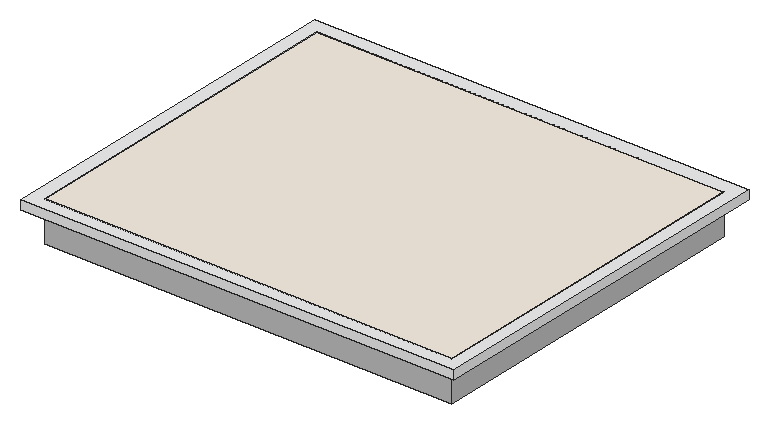
Revit family "Lighting-Industrial-GEWISS-ELIA-HL-LED_HIGHBAY", category Apparecchi per illuminazione, host Superficie, Revit 2019 (continued)
Parameters (values of type "GWF1001QM840 - ELIA HL L2 120° 4000K S.ALONE DALI")
    .10 937.30 875.00 816.48 760.76 707.28 656.18 \r\n607.32 560.42 515.76 472.78 430.22 389.48 351.68 315.98 \r\n282.38 250.88 221.75 194.63 169.27 145.60 123.31 102.66 \r\n83.69 66.56 51.24 38.23 28.15 20.48 15.09 11.57 9.41 8.79 \r\n8142.40 8142.40 8143.80 8143.80 8146.60 8148.00 8150.80 \r\n8153.60 8156.40 8159.20 8162.00 8167.60 8173.20 8177.40 \r\n8183.00 8190.00 8197.00 8204.00 8211.00 8219.40 8226.40 \r\n8234.80 8244.60 8253.00 8261.40 8269.80 8278.20 8286.60 \r\n8295.00 8303.40 8311.80 8321.60 8330.00 8339.80 8349.60 \r\n8359.40 8369.20 8379.00 8390.20 8398.60 8409.80 8421.00 \r\n8430.80 8442.00 8453.20 8463.00 8475.60 8486.80 8499.40 \r\n8510.60 8523.20 8535.80 8547.00 8558.20 8570.80 8582.00 \r\n8593.20 8603.00 8614.20 8622.60 8629.60 8638.00 8643.60 \r\n8649.20 8653.40 8654.80 8657.60 8657.60 8656.20 8654.80 \r\n8652.00 8647.80 8642.20 8635.20 8626.80 8615.60 8603.00 \r\n8587.60 8570.80 8551.20 8531.60 8507.80 8482.60 8456.00 \r\n8428.00 8398.60 8365.00 8330.00 8293.60 8253.00 8211.00 \r\n8164.80 8113.00 8059.80 7998.20 7926.80 7844.20 7754.60 \r\n7656.60 7548.80 7435.40 7319.20 7200.20 7077.00 6946.80 \r\n6806.80 6658.40 6501.60 6332.20 6154.40 5969.60 5783.40 \r\n5598.60 5416.60 5238.80 5062.40 4891.60 4727.80 4564.00 \r\n4401.60 4239.20 4081.00 3925.60 3775.80 3627.40 3483.20 \r\n3340.40 3200.40 3063.20 2928.80 2798.32 2670.36 2546.60 \r\n2425.64 2308.88 2198.84 2091.74 1984.50 1879.22 1778.14 \r\n1679.30 1581.02 1485.40 1394.40 1307.32 1224.58 1146.32 \r\n1072.96 1003.66 937.72 875.42 816.62 760.90 707.56 656.46 \r\n607.60 560.70 515.76 472.64 430.22 389.62 351.82 316.26 \r\n282.74 251.22 222.19 195.12 169.64 145.81 123.54 102.90 \r\n83.87 66.70 51.41 38.42 28.29 20.59 15.19 11.65 9.46 8.80 \r\n8142.40 8142.40 8143.80 8143.80 8146.60 8148.00 8149.40 \r\n8153.60 8156.40 8159.20 8163.40 8167.60 8173.20 8177.40 \r\n8184.40 8190.00 8197.00 8205.40 8212.40 8219.40 8229.20 \r\n8236.20 8244.60 8253.00 8261.40 8269.80 8278.20 8286.60 \r\n8295.00 8303.40 8313.20 8321.60 8331.40 8339.80 8349.60 \r\n8359.40 8369.20 8380.40 8390.20 8400.00 8409.80 8421.00 \r\n8432.20 8442.00 8453.20 8464.40 8477.00 8488.20 8500.80 \r\n8513.40 8526.00 8537.20 8549.80 8561.00 8572.20 8583.40 \r\n8594.60 8605.80 8615.60 8624.00 8632.40 8639.40 8645.00 \r\n8650.60 8654.80 8657.60 8657.60 8657.60 8657.60 8656.20 \r\n8653.40 8649.20 8643.60 8636.60 8628.20 8617.00 8604.40 \r\n8589.00 8570.80 8552.60 8531.60 8509.20 8484.00 8457.40 \r\n8429.40 8400.00 8366.40 8331.40 8295.00 8255.80 8213.80 \r\n8167.60 8115.80 8062.60 7999.60 7926.80 7845.60 7753.20 \r\n7655.20 7547.40 7434.00 7317.80 7198.80 7075.60 6946.80 \r\n6806.80 6658.40 6500.20 6332.20 6153.00 5968.20 5782.00 \r\n5595.80 5416.60 5238.80 5063.80 4891.60 4726.40 4564.00 \r\n4400.20 4239.20 4081.00 3927.00 3775.80 3628.80 3483.20 \r\n3340.40 3200.40 3063.20 2928.80 2797.62 2670.92 2547.44 \r\n2427.74 2311.96 2201.92 2094.54 1986.32 1880.20 1778.70 \r\n1679.58 1581.16 1485.54 1394.54 1307.74 1225.00 1146.74 \r\n1073.38 1004.08 938.00 875.56 816.76 760.90 707.70 656.88 \r\n607.74 560.84 515.76 472.50 430.22 389.76 352.10 316.54 \r\n282.95 251.51 222.57 195.55 169.96 145.98 123.72 103.12 \r\n84.06 66.82 51.56 38.61 28.45 20.70 15.28 11.73 9.51 8.81 \r\n8142.40 8142.40 8143.80 8145.20 8146.60 8146.60 8149.40 \r\n8152.20 8156.40 8159.20 8163.40 8167.60 8173.20 8177.40 \r\n8184.40 8191.40 8197.00 8205.40 8212.40 8220.80 8229.20 \r\n8237.60 8246.00 8254.40 8264.20 8272.60 8279.60 8288.00 \r\n8296.40 8306.20 8314.60 8323.00 8332.80 8339.80 8349.60 \r\n8359.40 8370.60 8380.40 8390.20 8401.40 8409.80 8421.00 \r\n8432.20 8443.40 8453.20 8464.40 8477.00 8491.00 8502.20 \r\n8514.80 8527.40 8540.00 8551.20 8563.80 8575.00 8586.20 \r\n8598.80 8608.60 8618.40 8625.40 8633.80 8642.20 8647.80 \r\n8653.40 8656.20 8657.60 8660.40 8660.40 8660.40 8657.60 \r\n8654.80 8652.00 8645.00 8636.60 8628.20 8618.40 8605.80 \r\n8589.00 8570.80 8552.60 8533.00 8509.20 8485.40 8457.40 \r\n8429.40 8401.40 8367.80 8332.80 8296.40 8257.20 8213.80 \r\n8169.00 8117.20 8064.00 8001.00 7926.80 7844.20 7754.60 \r\n7653.80 7546.00 7432.60 7315.00 7197.40 7074.20 6945.40 \r\n6806.80 6657.00 6500.20 6332.20 6151.60 5966.80 5780.60 \r\n5594.40 5413.80 5238.80 5063.80 4893.00 4726.40 4564.00 \r\n4401.60 4240.60 4081.00 3927.00 3775.80 3628.80 3483.20 \r\n3340.40 3200.40 3063.20 2930.20 2798.32 2671.34 2548.42 \r\n2429.84 2315.32 2205.00 2096.92 1987.72 1880.76 1778.98 \r\n1679.86 1581.16 1485.54 1394.54 1307.74 1225.14 1147.16 \r\n1073.80 1004.36 938.28 875.70 816.76 760.90 707.84 657.16 \r\n608.02 560.84 515.62 472.08 429.94 389.90 352.10 316.68 \r\n283.08 251.72 222.88 195.93 170.20 146.10 123.86 103.31 \r\n84.20 66.92 51.72 38.79 28.60 20.80 15.36 11.80 9.56 8.82 \r\n8142.40 8142.40 8143.80 8145.20 8146.60 8148.00 8149.40 \r\n8152.20 8156.40 8159.20 8163.40 8167.60 8173.20 8177.40 \r\n8184.40 8191.40 8197.00 8205.40 8213.80 8220.80 8229.20 \r\n8237.60 8246.00 8255.80 8264.20 8272.60 8281.00 8289.40 \r\n8297.80 8306.20 8314.60 8323.00 8332.80 8342.60 8349.60 \r\n8360.80 8370.60 8380.40 8390.20 8401.40 8411.20 8421.00 \r\n8432.20 8443.40 8454.60 8467.20 8478.40 8491.00 8503.60 \r\n8516.20 8527.40 8541.40 8554.00 8565.20 8576.40 8589.00 \r\n8600.20 8611.40 8619.80 8628.20 8635.20 8643.60 8649.20 \r\n8653.40 8656.20 8660.40 8660.40 8661.80 8660.40 8659.00 \r\n8656.20 8652.00 8646.40 8639.40 8629.60 8618.40 8604.40 \r\n8590.40 8572.20 8554.00 8534.40 8510.60 8484.00 8458.80 \r\n8430.80 8401.40 8369.20 8334.20 8297.80 8257.20 8215.20 \r\n8171.80 8120.00 8065.40 8002.40 7928.20 7845.60 7753.20 \r\n7652.40 7543.20 7429.80 7313.60 7196.00 7074.20 6945.40 \r\n6806.80 6657.00 6498.80 6330.80 6150.20 5965.40 5777.80 \r\n5594.40 5413.80 5238.80 5063.80 4893.00 4727.80 4564.00 \r\n4401.60 4240.60 4082.40 3927.00 3775.80 3627.40 3483.20 \r\n3341.80 3201.80 3064.60 2930.20 2798.46 2671.76 2549.26 \r\n2431.80 2318.12 2207.80 2099.02 1989.12 1881.18 1778.98 \r\n1679.86 1581.02 1485.12 1394.26 1307.60 1225.14 1147.02 \r\n1073.66 1004.50 938.28 875.70 816.62 760.76 707.84 657.30 \r\n608.16 560.84 515.34 471.80 429.80 389.76 352.10 316.68 \r\n283.22 251.86 223.13 196.25 170.39 146.16 123.96 103.45 \r\n84.31 67.00 51.84 38.99 28.75 20.90 15.44 11.87 9.59 8.82 \r\n8142.40 8142.40 8143.80 8145.20 8146.60 8148.00 8149.40 \r\n8152.20 8156.40 8159.20 8163.40 8167.60 8173.20 8178.80 \r\n8184.40 8191.40 8197.00 8205.40 8213.80 8222.20 8229.20 \r\n8237.60 8247.40 8255.80 8264.20 8272.60 8281.00 8289.40 \r\n8299.20 8306.20 8314.60 8324.40 8332.80 8342.60 8351.00 \r\n8360.80 8370.60 8380.40 8390.20 8401.40 8411.20 8421.00 \r\n8432.20 8443.40 8454.60 8467.20 8478.40 8492.40 8505.00 \r\n8517.60 8530.20 8542.80 8555.40 8568.00 8579.20 8591.80 \r\n8603.00 8612.80 8621.20 8629.60 8638.00 8645.00 8649.20 \r\n8654.80 8659.00 8660.40 8663.20 8663.20 8663.20 8660.40 \r\n8657.60 8654.80 8647.80 8639.40 8629.60 8619.80 8605.80 \r\n8590.40 8572.20 8554.00 8533.00 8510.60 8485.40 8458.80 \r\n8430.80 8401.40 8370.60 8335.60 8299.20 8260.00 8218.00 \r\n8171.80 8122.80 8068.20 8003.80 7929.60 7844.20 7751.80 \r\n7651.00 7541.80 7428.40 7313.60 7194.60 7072.80 6944.00 \r\n6805.40 6655.60 6497.40 6328.00 6150.20 5964.00 5777.80 \r\n5591.60 5413.80 5238.80 5065.20 4894.40 4727.80 4562.60 \r\n4401.60 4240.60 4082.40 3928.40 3775.80 3627.40 3483.20 \r\n3341.80 3201.80 3064.60 2930.20 2798.60 2671.90 2549.82 \r\n2433.48 2320.64 2210.18 2100.84 1989.82 1881.18 1778.84 \r\n1679.44 1580.32 1484.42 1393.70 1307.32 1224.86 1146.74 \r\n1073.52 1004.36 938.28 875.56 816.34 760.34 707.70 657.30 \r\n608.16 560.70 515.06 471.38 429.52 389.62 352.10 316.68 \r\n283.08 251.90 223.29 196.46 170.51 146.17 124.00 103.56 \r\n84.39 67.05 51.95 39.16 28.91 20.99 15.51 11.92 9.62 8.83 \r\n8142.40 8142.40 8143.80 8145.20 8146.60 8148.00 8149.40 \r\n8152.20 8155.00 8159.20 8163.40 8167.60 8173.20 8178.80 \r\n8185.80 8191.40 8198.40 8205.40 8213.80 8222.20 8230.60 \r\n8240.40 8248.80 8257.20 8265.60 8275.40 8282.40 8290.80 \r\n8299.20 8307.60 8316.00 8325.80 8332.80 8342.60 8351.00 \r\n8360.80 8370.60 8380.40 8390.20 8401.40 8412.60 8421.00 \r\n8433.60 8443.40 8454.60 8468.60 8479.80 8492.40 8505.00 \r\n8519.00 8531.60 8544.20 8556.80 8569.40 8580.60 8593.20 \r\n8604.40 8614.20 8624.00 8631.00 8639.40 8645.00 8652.00 \r\n8656.20 8659.00 8663.20 8664.60 8664.60 8664.60 8661.80 \r\n8659.00 8654.80 8647.80 8640.80 8631.00 8619.80 8605.80 \r\n8590.40 8573.60 8554.00 8533.00 8509.20 8485.40 8460.20 \r\n8432.20 8401.40 8370.60 8337.00 8299.20 8261.40 8219.40 \r\n8174.60 8124.20 8069.60 8005.20 7931.00 7845.60 7750.40 \r\n7649.60 7540.40 7427.00 7312.20 7194.60 7072.80 6945.40 \r\n6804.00 6655.60 6496.00 6328.00 6147.40 5962.60 5776.40 \r\n5591.60 5413.80 5238.80 5065.20 4895.80 4727.80 4564.00 \r\n4401.60 4240.60 4083.80 3928.40 3775.80 3627.40 3481.80 \r\n3341.80 3201.80 3064.60 2931.60 2798.88 2672.18 2550.52 \r\n2434.88 2322.74 2211.86 2101.96 1990.24 1881.04 1778.14 \r\n1678.60 1579.48 1483.58 1393.00 1306.62 1224.30 1146.32 \r\n1073.10 1003.94 937.86 875.28 815.92 759.92 707.42 657.30 \r\n608.02 560.42 514.64 470.82 429.10 389.34 351.96 316.54 \r\n283.08 251.86 223.34 196.57 170.55 146.10 123.98 103.61 \r\n84.43 67.09 52.05 39.33 29.04 21.08 15.57 11.96 9.64 8.83 \r\n8142.40 8142.40 8143.80 8145.20 8146.60 8148.00 8149.40 \r\n8152.20 8155.00 8159.20 8163.40 8167.60 8173.20 8178.80 \r\n8185.80 8191.40 8199.80 8206.80 8215.20 8223.60 8232.00 \r\n8240.40 8248.80 8257.20 8267.00 8275.40 8283.80 8292.20 \r\n8300.60 8309.00 8317.40 8325.80 8334.20 8342.60 8351.00 \r\n8360.80 8370.60 8380.40 8391.60 8401.40 8412.60 8422.40 \r\n8433.60 8444.80 8457.40 8468.60 8479.80 8493.80 8506.40 \r\n8520.40 8534.40 8547.00 8558.20 8572.20 8583.40 8596.00 \r\n8605.80 8617.00 8625.40 8633.80 8640.80 8647.80 8653.40 \r\n8657.60 8660.40 8663.20 8664.60 8666.00 8664.60 8663.20 \r\n8660.40 8654.80 8650.60 8640.80 8631.00 8619.80 8607.20 \r\n8590.40 8573.60 8554.00 8534.40 8510.60 8485.40 8460.20 \r\n8432.20 8402.80 8372.00 8337.00 8300.60 8262.80 8219.40 \r\n8176.00 8128.40 8071.00 8006.60 7931.00 7847.00 7751.80 \r\n7648.20 7539.00 7425.60 7310.80 7191.80 7071.40 6944.00 \r\n6804.00 6654.20 6494.60 6326.60 6147.40 5962.60 5775.00 \r\n5588.80 5411.00 5238.80 5065.20 4894.40 4727.80 4564.00 \r\n4401.60 4242.00 4083.80 3929.80 3775.80 3627.40 3481.80 \r\n3340.40 3201.80 3064.60 2931.60 2798.60 2672.60 2550.94 \r\n2435.86 2324.28 2213.12 2102.66 1990.24 1880.20 1777.16 \r\n1677.62 1578.36 1482.32 1391.88 1305.64 1223.32 1145.62 \r\n1072.54 1003.38 937.16 874.58 815.36 759.36 707.00 657.02 \r\n607.74 560.14 514.08 470.26 428.68 389.06 351.68 316.40 \r\n282.94 251.72 223.27 196.59 170.48 145.96 123.91 103.61 \r\n84.43 67.09 52.12 39.45 29.15 21.16 15.63 11.99 9.66 8.83 \r\n8142.40 8142.40 8143.80 8145.20 8145.20 8148.00 8149.40 \r\n8152.20 8155.00 8159.20 8163.40 8169.00 8173.20 8180.20 \r\n8185.80 8191.40 8199.80 8206.80 8215.20 8223.60 8232.00 \r\n8240.40 8248.80 8258.60 8267.00 8275.40 8283.80 8292.20 \r\n8300.60 8309.00 8317.40 8325.80 8334.20 8344.00 8351.00 \r\n8360.80 8370.60 8380.40 8390.20 8400.00 8411.20 8422.40 \r\n8433.60 8444.80 8456.00 8468.60 8481.20 8495.20 8507.80 \r\n8521.80 8534.40 8547.00 8561.00 8572.20 8584.80 8596.00 \r\n8607.20 8617.00 8626.80 8633.80 8642.20 8647.80 8653.40 \r\n8657.60 8661.80 8663.20 8666.00 8667.40 8664.60 8663.20 \r\n8660.40 8654.80 8649.20 8640.80 8631.00 8619.80 8605.80 \r\n8590.40 8573.60 8554.00 8533.00 8510.60 8484.00 8458.80 \r\n8432.20 8402.80 8372.00 8337.00 8300.60 8262.80 8220.80 \r\n8177.40 8129.80 8072.40 8008.00 7932.40 7848.40 7753.20 \r\n7649.60 7539.00 7425.60 7309.40 7191.80 7070.00 6942.60 \r\n6802.60 6652.80 6493.20 6325.20 6146.00 5962.60 5776.40 \r\n5590.20 5412.40 5238.80 5066.60 4897.20 4729.20 4565.40 \r\n4401.60 4242.00 4086.60 3931.20 3778.60 3628.80 3484.60 \r\n3341.80 3203.20 3067.40 2931.60 2800.56 2673.58 2551.08 \r\n2434.74 2321.90 2210.04 2099.30 1986.88 1876.98 1773.94 \r\n1674.40 1575.28 1479.24 1388.66 1302.56 1220.52 1142.96 \r\n1070.02 1001.00 935.20 872.62 813.54 757.68 705.60 655.62 \r\n606.48 559.02 513.24 469.42 427.70 387.94 350.84 315.84 \r\n282.38 250.91 222.46 195.80 169.79 145.40 123.45 103.28 \r\n84.17 66.91 52.04 39.45 29.20 21.22 15.65 11.96 9.63 8.82 \r\n8142.40 8142.40 8143.80 8145.20 8145.20 8148.00 8149.40 \r\n8152.20 8155.00 8159.20 8163.40 8169.00 8173.20 8180.20 \r\n8185.80 8191.40 8199.80 8208.20 8215.20 8223.60 8232.00 \r\n8241.80 8251.60 8260.00 8268.40 8275.40 8283.80 8293.60 \r\n8302.00 8309.00 8317.40 8325.80 8334.20 8344.00 8351.00 \r\n8360.80 8369.20 8380.40 8390.20 8400.00 8411.20 8422.40 \r\n8433.60 8444.80 8456.00 8468.60 8481.20 8495.20 8507.80 \r\n8523.20 8535.80 8549.80 8561.00 8575.00 8586.20 8598.80 \r\n8610.00 8619.80 8628.20 8636.60 8642.20 8649.20 8654.80 \r\n8659.00 8661.80 8666.00 8666.00 8667.40 8666.00 8663.20 \r\n8660.40 8654.80 8649.20 8640.80 8629.60 8617.00 8605.80 \r\n8589.00 8570.80 8552.60 8533.00 8509.20 8484.00 8458.80 \r\n8430.80 8401.40 8370.60 8337.00 8300.60 8262.80 8223.60 \r\n8180.20 8129.80 8073.80 8009.40 7933.80 7849.80 7754.60 \r\n7651.00 7539.00 7422.80 7308.00 7190.40 7070.00 6941.20 \r\n6799.80 6650.00 6490.40 6322.40 6146.00 5964.00 5777.80 \r\n5591.60 5413.80 5238.80 5066.60 4898.60 4730.60 4566.80 \r\n4404.40 4243.40 4086.60 3931.20 3778.60 3630.20 3484.60 \r\n3343.20 3203.20 3067.40 2933.00 2801.40 2674.42 2550.94 \r\n2433.20 2318.82 2206.40 2095.24 1982.96 1873.34 1770.44 \r\n1670.90 1571.78 1476.02 1385.30 1299.06 1217.44 1140.16 \r\n1067.36 998.48 932.68 870.38 811.58 756.00 703.78 654.08 \r\n605.08 557.76 512.12 468.44 426.58 386.96 350.14 315.28 \r\n281.68 250.03 221.54 194.94 169.02 144.76 122.95 102.89 \r\n83.89 66.70 51.94 39.44 29.24 21.28 15.66 11.93 9.59 8.80 \r\n8142.40 8142.40 8142.40 8145.20 8145.20 8148.00 8149.40 \r\n8152.20 8155.00 8159.20 8163.40 8169.00 8174.60 8180.20 \r\n8185.80 8192.80 8199.80 8208.20 8216.60 8225.00 8233.40 \r\n8243.20 8251.60 8260.00 8268.40 8276.80 8286.60 8295.00 \r\n8303.40 8310.40 8317.40 8325.80 8335.60 8344.00 8352.40 \r\n8362.20 8370.60 8380.40 8390.20 8401.40 8411.20 8422.40 \r\n8432.20 8444.80 8456.00 8470.00 8481.20 8495.20 8509.20 \r\n8523.20 8537.20 8549.80 8563.80 8575.00 8587.60 8598.80 \r\n8610.00 8619.80 8628.20 8636.60 8643.60 8650.60 8654.80 \r\n8659.00 8663.20 8666.00 8667.40 8667.40 8666.00 8663.20 \r\n8660.40 8654.80 8647.80 8639.40 8629.60 8617.00 8603.00 \r\n8589.00 8570.80 8552.60 8530.20 8509.20 8484.00 8457.40 \r\n8429.40 8401.40 8369.20 8335.60 8300.60 8264.20 8223.60 \r\n8180.20 8131.20 8075.20 8010.80 7935.20 7851.20 7757.40 \r\n7652.40 7540.40 7424.20 7308.00 7190.40 7068.60 6941.20 \r\n6799.80 6648.60 6487.60 6321.00 6144.60 5965.40 5779.20 \r\n5593.00 5415.20 5240.20 5068.00 4897.20 4730.60 4566.80 \r\n4404.40 4244.80 4088.00 3934.00 3781.40 3631.60 3486.00 \r\n3344.60 3203.20 3067.40 2933.00 2804.20 2675.40 2550.94 \r\n2431.38 2315.32 2202.34 2091.04 1978.90 1869.56 1766.66 \r\n1667.26 1568.42 1472.52 1381.94 1295.70 1214.22 1137.22 \r\n1064.56 995.82 930.30 868.28 809.62 754.18 702.10 652.40 \r\n603.54 556.50 511.14 467.60 425.60 385.84 349.30 314.72 \r\n280.84 249.09 220.57 194.00 168.21 144.10 122.42 102.48 \r\n83.58 66.49 51.83 39.40 29.26 21.33 15.67 11.88 9.54 8.79 \r\n8142.40 8142.40 8142.40 8145.20 8145.20 8148.00 8149.40 \r\n8152.20 8155.00 8159.20 8163.40 8169.00 8173.20 8180.20 \r\n8185.80 8192.80 8199.80 8208.20 8216.60 8225.00 8233.40 \r\n8243.20 8251.60 8260.00 8268.40 8278.20 8286.60 8295.00 \r\n8303.40 8311.80 8318.80 8327.20 8335.60 8344.00 8352.40 \r\n8362.20 8370.60 8380.40 8390.20 8401.40 8409.80 8421.00 \r\n8432.20 8443.40 8457.40 8468.60 8482.60 8496.60 8509.20 \r\n8523.20 8538.60 8552.60 8563.80 8577.80 8589.00 8600.20 \r\n8611.40 8621.20 8629.60 8638.00 8645.00 8652.00 8656.20 \r\n8660.40 8663.20 8666.00 8667.40 8667.40 8666.00 8663.20 \r\n8660.40 8654.80 8647.80 8639.40 8626.80 8615.60 8603.00 \r\n8586.20 8569.40 8549.80 8530.20 8506.40 8482.60 8457.40 \r\n8429.40 8400.00 8369.20 8335.60 8300.60 8264.20 8223.60 \r\n8181.60 8134.00 8076.60 8012.20 7936.60 7852.60 7757.40 \r\n7653.80 7541.80 7424.20 7308.00 7189.00 7068.60 6938.40 \r\n6797.00 6644.40 6486.20 6319.60 6144.60 5966.80 5780.60 \r\n5595.80 5416.60 5240.20 5068.00 4898.60 4732.00 4568.20 \r\n4405.80 4244.80 4088.00 3935.40 3782.80 3633.00 3487.40 \r\n3344.60 3204.60 3067.40 2934.40 2804.20 2676.24 2550.66 \r\n2429.42 2311.82 2198.14 2086.56 1974.70 1865.78 1763.02 \r\n1663.62 1564.92 1469.16 1378.30 1292.20 1211.00 1134.28 \r\n1061.62 993.02 927.7
